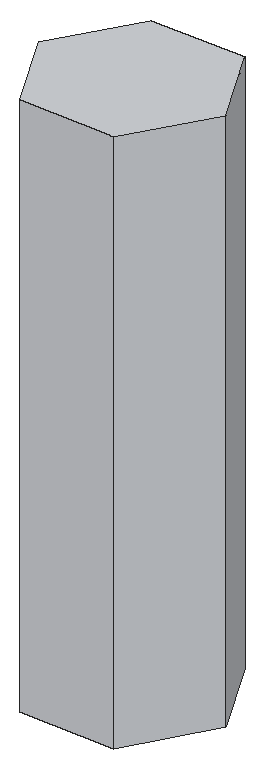
Revit family "$Player_Cat", category Generic Models, Revit 2020
Family settings
  Can host rebar = No
  Round Connector Dimension = Use Diameter
  Part Type = Normal
  Work Plane-Based = No
  Always vertical = Yes
  Cut with Voids When Loaded = No
  Shared = No
  Room Calculation Point = No
Parameters (values of type "SD")
  yes = 2 > 1  # yes
  show_standard [instance] = not(show_overweight)  # yes
  show_overweight [instance] = _property_is_overweight  # no
  no = not(yes)  # no
  _property_positionID = 0
  _property_name = Player Name  # "Peter"
  _property_luck = 50
  _property_is_overweight = no
  _property_hold_status [instance] = ""
  _asset_tools = ""
  _asset_skills = ""
  _asset_money = 100
  _asset_direction = 1
  Player Name = "Peter"
  Default Elevation = 0 mm
Reference planes
  plane 1 "Center (Front/Back)": y = 0
  plane 2: z = 0
  plane 3 "Center (Left/Right)": x = 0
Forms (mm)
  Extrusion 1, solid, visible <- "show_standard"
    sketch origin (0, 0, 0) x (1, 0, 0) y (0, 1, 0)
      loop
        line (300, 0) -> (150, 259.808) -> (-150, 259.808) -> (-300, 0) -> (-150, -259.808) -> (150, -259.808) -> (300, 0)
    from 0 to 1750
  Extrusion 2, solid, visible <- "show_overweight"
    sketch origin (0, 0, 0) x (1, 0, 0) y (0, 1, 0)
      loop
        line (500, 0) -> (250, 433.013) -> (-250, 433.013) -> (-500, 0) -> (-250, -433.013) -> (250, -433.013) -> (500, 0)
    from 0 to 1300
Dimensions and locks
  aligned and locked: plane 2 to level
  aligned and locked: plane 1 "Center (Front/Back)" to nested 1
  aligned and locked: plane 3 "Center (Left/Right)" to nested 1
Nested families
  nested 1: "NAME_SYMBOL" at (0, 0, 0), _property_name <- "_property_name", type "NAME_SYMBOL"
    with _property_name "Peter"
Definition of nested family "NAME_SYMBOL"
  Parameters (values of type "NAME_SYMBOL")
    _property_name [instance] = ""
  Reference planes
    plane 1: y = 0
    plane 2: x = 0
  Lines and regions (mm)
    detail lines
      curve 1: line (-15, -5, 0) -> (15, -5, 0)
      curve 2: line (-15, 5, 0) -> (-15, -5, 0)
      curve 3: line (15, 5, 0) -> (-15, 5, 0)
      curve 4: line (15, -5, 0) -> (15, 5, 0)
  Text (mm)
    label "A" at (0.077, 0.299, 0), shows "_property_name"
